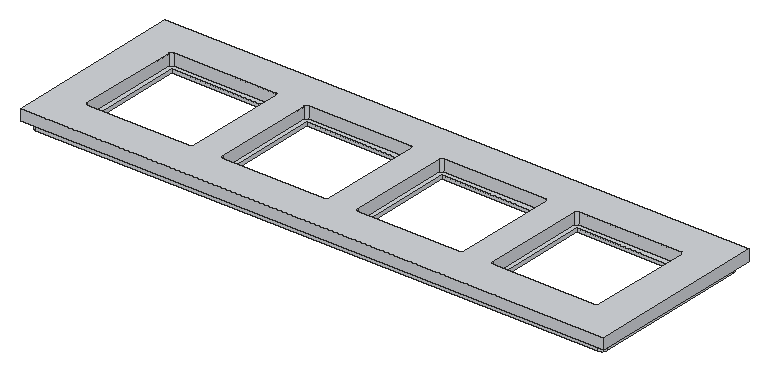
Revit family "Gira_0214126", category Electrical Fixtures, host Face, Revit 2017
Family settings
  Host = Face
  Maintain Annotation Orientation = No
  Round Connector Dimension = Use Diameter
  Part Type = Normal
  Cut with Voids When Loaded = No
  Shared = No
  Room Calculation Point = No
Parameters (values of type "Cov.fr. 4-g Gira Esprit alum.black")
  With mounting grid = "No"
  With hinged lid = "No"
  URL = "http://katalog.gira.de/en/datenblatt.html?artikelnr=0214126"
  Type of fastening = "Clamp mounting"
  Transparent = "No"
  Surface protection = "Other"
  Suitable for wall duct = "No"
  Suitable for flush-mounted installation = "Yes"
  Suitable for floor box = "No"
  Suitable for built-in installation = "No"
  Number of units vertical = "4"
  Number of units horizontal = "4"
  Number of units = "4"
  Name = "Cov.fr. 4-g Gira Esprit alum.black"
  Mounting direction = "Horizontal and vertical"
  Material quality = "Aluminium"
  Material = "Metal"
  Manufacturer URL = "https://www.gira.de/"
  Manufacturer = "Gira"
  Label space/information surface = "No"
  Keynote = ""
  HeinzeBIM = "https://bimportal.heinze.de/bim/cov-fr-4-g-gira-esprit-alum-black/b7c2e73aef46242066f14c26a81a0141eda75ee9"
  Halogen free = "No"
  HAN = "0214126"
  GTIN = "4010337109044"
  Description = "Cov.fr.4g Espr. AlBk,Gira Esprit cover frame,aluminium black,4-gang,Features:,- Anodised aluminium E 1. Colour deviations are possible."
  Degree of protection (IP) = "IP20"
  Default Elevation = 1219.2 mm
  Data sheet (1) = "https://katalog.gira.de/en/download.html?artikelnr=0214126"
  Colour = "Black"
  Category = "Cover frame for domestic switching devices"
  BIM (1) = "https://media.stage.bim.site/public/gira/36a6b08/Espr._Rahmen_4fach.rfa"
  Available = "No"
Reference planes
  plane 1 "Center (Front/Back)": y = 0
  plane 2: z = 0
  plane 3 "Center (Left/Right)": x = 0
Forms (mm)
  Extrusion 1, solid, detail levels fine
    sketch origin (0, 0, 0) x (1, 0, 0) y (0, 1, 0)
      loop
        line (-154, 47.5) -> (-154, -47.5) -> (154, -47.5) -> (154, 47.5) -> (-154, 47.5)
      loop
        arc (-135.25, -26.8) -> (-134.811, -27.861) -> (-133.75, -28.3) r 1.5
        line (-133.75, -28.3) -> (-80.15, -28.3)
        arc (-80.15, -28.3) -> (-79.089, -27.861) -> (-78.65, -26.8) r 1.5
        line (-78.65, -26.8) -> (-78.65, 26.8)
        arc (-78.65, 26.8) -> (-79.089, 27.861) -> (-80.15, 28.3) r 1.5
        line (-80.15, 28.3) -> (-133.75, 28.3)
        arc (-133.75, 28.3) -> (-134.811, 27.861) -> (-135.25, 26.8) r 1.5
        line (-135.25, 26.8) -> (-135.25, -26.8)
      loop
        arc (-63.95, -26.8) -> (-63.511, -27.861) -> (-62.45, -28.3) r 1.5
        line (-62.45, -28.3) -> (-8.85, -28.3)
        arc (-8.85, -28.3) -> (-7.789, -27.861) -> (-7.35, -26.8) r 1.5
        line (-7.35, -26.8) -> (-7.35, 26.8)
        arc (-7.35, 26.8) -> (-7.789, 27.861) -> (-8.85, 28.3) r 1.5
        line (-8.85, 28.3) -> (-62.45, 28.3)
        arc (-62.45, 28.3) -> (-63.511, 27.861) -> (-63.95, 26.8) r 1.5
        line (-63.95, 26.8) -> (-63.95, -26.8)
      loop
        arc (7.35, -26.8) -> (7.789, -27.861) -> (8.85, -28.3) r 1.5
        line (8.85, -28.3) -> (62.45, -28.3)
        arc (62.45, -28.3) -> (63.511, -27.861) -> (63.95, -26.8) r 1.5
        line (63.95, -26.8) -> (63.95, 26.8)
        arc (63.95, 26.8) -> (63.511, 27.861) -> (62.45, 28.3) r 1.5
        line (62.45, 28.3) -> (8.85, 28.3)
        arc (8.85, 28.3) -> (7.789, 27.861) -> (7.35, 26.8) r 1.5
        line (7.35, 26.8) -> (7.35, -26.8)
      loop
        arc (78.65, -26.8) -> (79.089, -27.861) -> (80.15, -28.3) r 1.5
        line (80.15, -28.3) -> (133.75, -28.3)
        arc (133.75, -28.3) -> (134.811, -27.861) -> (135.25, -26.8) r 1.5
        line (135.25, -26.8) -> (135.25, 26.8)
        arc (135.25, 26.8) -> (134.811, 27.861) -> (133.75, 28.3) r 1.5
        line (133.75, 28.3) -> (80.15, 28.3)
        arc (80.15, 28.3) -> (79.089, 27.861) -> (78.65, 26.8) r 1.5
        line (78.65, 26.8) -> (78.65, -26.8)
    from 0 to 6
  Extrusion 2, solid, detail levels fine
    sketch origin (0, 0, 0) x (1, 0, 0) y (0, 1, 0)
      loop
        line (-132.85, -25.7) -> (-81.05, -25.7) -> (-81.05, 25.7) -> (-132.85, 25.7) -> (-132.85, -25.7)
      loop
        line (61.55, 25.7) -> (9.75, 25.7) -> (9.75, -25.7) -> (61.55, -25.7) -> (61.55, 25.7)
      loop
        arc (-149.85, -41.4) -> (-149.323, -42.673) -> (-148.05, -43.2) r 1.8
        line (-148.05, -43.2) -> (148.05, -43.2)
        arc (148.05, -43.2) -> (149.323, -42.673) -> (149.85, -41.4) r 1.8
        line (149.85, -41.4) -> (149.85, 41.4)
        arc (149.85, 41.4) -> (149.323, 42.673) -> (148.05, 43.2) r 1.8
        line (148.05, 43.2) -> (-148.05, 43.2)
        arc (-148.05, 43.2) -> (-149.323, 42.673) -> (-149.85, 41.4) r 1.8
        line (-149.85, 41.4) -> (-149.85, -41.4)
      loop
        line (-9.75, 25.7) -> (-61.55, 25.7) -> (-61.55, -25.7) -> (-9.75, -25.7) -> (-9.75, 25.7)
      loop
        line (132.85, 25.7) -> (81.05, 25.7) -> (81.05, -25.7) -> (132.85, -25.7) -> (132.85, 25.7)
    from -1.9 to 0
  Extrusion 3, solid, detail levels fine
    sketch origin (0, 0, 0) x (1, 0, 0) y (0, 1, 0)
      loop
        arc (-148.05, 44.4) -> (-150.171, 43.521) -> (-151.05, 41.4) r 3
        line (-151.05, 41.4) -> (-151.05, -41.4)
        arc (-151.05, -41.4) -> (-150.171, -43.521) -> (-148.05, -44.4) r 3
        line (-148.05, -44.4) -> (148.05, -44.4)
        arc (148.05, -44.4) -> (150.171, -43.521) -> (151.05, -41.4) r 3
        line (151.05, -41.4) -> (151.05, 41.4)
        arc (151.05, 41.4) -> (150.171, 43.521) -> (148.05, 44.4) r 3
        line (148.05, 44.4) -> (-148.05, 44.4)
      loop
        arc (-149.85, -41.4) -> (-149.323, -42.673) -> (-148.05, -43.2) r 1.8
        line (-148.05, -43.2) -> (148.05, -43.2)
        arc (148.05, -43.2) -> (149.323, -42.673) -> (149.85, -41.4) r 1.8
        line (149.85, -41.4) -> (149.85, 41.4)
        arc (149.85, 41.4) -> (149.323, 42.673) -> (148.05, 43.2) r 1.8
        line (148.05, 43.2) -> (-148.05, 43.2)
        arc (-148.05, 43.2) -> (-149.323, 42.673) -> (-149.85, 41.4) r 1.8
        line (-149.85, 41.4) -> (-149.85, -41.4)
    from -3.7 to 0
  Extrusion 4, solid, detail levels medium
    sketch origin (0, 0, 0) x (1, 0, 0) y (0, 1, 0)
      loop
        line (-154, 47.5) -> (-154, -47.5) -> (154, -47.5) -> (154, 47.5) -> (-154, 47.5)
    from 0 to 6
  Extrusion 5, solid, detail levels medium
    sketch origin (0, 0, 0) x (1, 0, 0) y (0, 1, 0)
      loop
        line (-154, 44.4) -> (-154, -44.4) -> (154, -44.4) -> (154, 44.4) -> (-154, 44.4)
    from -3.7 to 0
  Extrusion 6, solid, detail levels coarse
    sketch origin (0, 0, 0) x (1, 0, 0) y (0, 1, 0)
      loop
        line (-154, 47.5) -> (-154, -47.5) -> (154, -47.5) -> (154, 47.5) -> (-154, 47.5)
    from -3.7 to 6
Dimensions and locks
  aligned and locked: plane 2 to host face
  aligned and locked: level to host face
